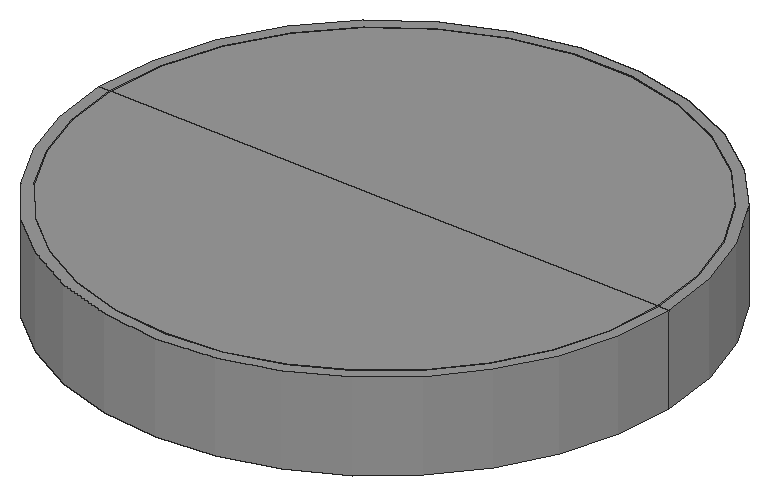
Revit family "4061105", category Lighting Fixtures, host Face, Revit 2016
Family settings
  Host = Face
  Part Type = Normal
  Round Connector Dimension = Use Diameter
  OmniClass Number = 23.80.70.00
  OmniClass Title = Lighting
  Cut with Voids When Loaded = No
  Light Source = Yes
  Shared = No
  Room Calculation Point = No
Parameters (values of type "4061105 COLOSSAL 3550LM 840 DALI WHT")
  Weight = "kg"
  Wattage Comments = ""
  Wattage = 30 W
  WarrantyStartDate [instance] = "n/a"
  WarrantyGuarantorParts = "n/a"
  WarrantyDurationUnit = "n/a"
  WarrantyDurationParts = "n/a"
  WarrantyDescription = "n/a"
  built-in parameter 1150110 = 1 (stored number, unit not read)
  Voltage = 230 V
  URL = "http://www.sylvania-lighting.com"
  TypeName = "Colossal 3550lm 840 DALI WHT"
  Type Image = <None>
  Type Comments = "n/a"
  built-in parameter 1114217 = 1 (stored number, unit not read)
  Tilt Angle = -90.00°
  built-in parameter 1150109 = 1 (stored number, unit not read)
  built-in parameter 1150134 = 12
  built-in parameter 1150113 = 1 (stored number, unit not read)
  SerialNumber [instance] = "n/a"
  Photometric Web File = "4061105.ies"
  Material_3_SYL = LED-Sylvania
  PowerFactor = 0
  PowerConsumption = "30 W"
  NominalLength = 400 mm
  NominalHeight = 87 mm
  NominalDepth = 400 mm
  Name = "Colossal 3550lm 840 DALI WHT"
  ModelReference = Name  # "Colossal 3550lm 840 DALI WHT"
  ModelNumber = "4061105"
  Model = Name  # "Colossal 3550lm 840 DALI WHT"
  Material = "n/a"
  ManufacturerName = "Feilo Sylvania"
  Manufacturer = "Feilo Sylvania"
  LuminousEfficacy = "n/a"
  built-in parameter 1150105 = 283.66 (stored number, unit not read)
  Lumens = 3564.63 lm
  LuminaireType = ""
  built-in parameter 1150115 = 1 (stored number, unit not read)
  LightOutputRatio = "n/a"
  built-in parameter 1150137 = (empty or 0)
  built-in parameter 1150139 = (empty or 0)
  LampsType = Lamp  # "LED"
  LampNominalLuminous = "3564 lm"
  LampMacAdamStep = "n/a"
  LampColourTemperature = "4000 K"
  LampColourRenderingIndex = "n/a"
  built-in parameter 1150112 = 1 (stored number, unit not read)
  built-in parameter 1150114 = 1 (stored number, unit not read)
  Lamp = "LED"
  Keynote = "16500"
  InstallationDate [instance] = "n/a"
  InputVoltage = "230-240 V~"
  InputNominalFrequency = "50/60 Hz"
  built-in parameter 1150132 = (empty or 0)
  built-in parameter 1150102 = (empty or 0)
  built-in parameter 1150107 = 4000 (stored number, unit not read)
  built-in parameter 1150138 = (empty or 0)
  IngressProtection = "IP40"
  ImpactProtectionIndex = "IK02"
  built-in parameter 1150106 = 2.8366 (stored number, unit not read)
  IfcExportType = "IfcLightFixtureType"
  IfcExportAs = "IfcLightFixtureType"
  Emit from Circle Diameter = 385 mm
  Emit Shape Visible in Rendering = no
  ElectricShockClassification = "Class I"
  built-in parameter 1150104 = 11.039 (stored number, unit not read)
  DocumentationLiterature = "http://www.sylvania-lighting.com/product/en-int/products/4061105"
  DimmingControlOptions = "Dimmable"
  Material_2_SYL = Polycarbonate_Sylvania_White
  Dimming Lamp Color Temperature Shift = <None>
  Description = "Large 400 mm diameter circular architectural luminaire, can be surface mounted or suspended, aluminium housing with polycarbonate opal diffuser, 3550 lm, 30W, 118 lm/W, 4000K, CRI 80, 50,000 hours, IP40, IK03, Class 1, 220-240V, Energy class A++, DALI"
  Default Elevation = 1219.2 mm
  CreatedOn = "3/7/2019"
  CreatedBy = "@sylvania-lighting.com"
  Cost = 0
  Color Filter = 16777215
  built-in parameter 1114216 [instance] = (empty or 0)
  ClassificationValue = "EF_70_80"
  ClassificationName = "Uniclass2015"
  Material_1_SYL = Polycarbonate_Sylvania_Opal
  BarCode [instance] = "n/a"
  built-in parameter 1114218 = 1 (stored number, unit not read)
  built-in parameter 1150133 = 10 (stored number, unit not read)
  AssetType = "Fixed"
  AssetIdentifier [instance] = "n/a"
  Assembly Code = "D5020200"
  Apparent Load = 30 VA
  Material_4_SYL = none
Reference planes
  plane 1 "Center (Front/Back)": y = 0
  plane 2: z = 0
  plane 3 "Center (Left/Right)": x = 0
  plane 4: x = -200
  plane 5: x = -120
  plane 6: z = 87
  plane 7: z = 25
  plane 8: x = -192.5
  plane 9: z = 40
Forms (mm)
  Revolve 1, solid, material "Polycarbonate_Sylvania_White" <- "Material_2_SYL"
    sketch origin (0, 0, 0) x (1, 0, 0) y (0, 0, 1)
      loop
        line (0, 0) -> (0, 40) -> (-192.5, 40) -> (-192.5, 87) -> (-200, 87) -> (-200, 25) -> (-120, 25) -> (-120, 0) -> (0, 0)
      axis (0, 87) -> (0, 0)
    angle from 360 to 0
  Revolve 2, solid, material "Polycarbonate_Sylvania_Opal" <- "Material_1_SYL"
    sketch origin (0, 0, 0) x (1, 0, 0) y (0, 0, 1)
      loop
        line (0, 87) -> (-192.5, 87) -> (-192.5, 40) -> (0, 40) -> (0, 87)
      axis (0, 87) -> (0, 40)
    angle from 360 to 0
Dimensions and locks
  plane 6 to plane 7 to level = 62 mm locked, 25 mm locked
  plane 3 "Center (Left/Right)" to plane 5 to plane 8 to plane 4 = 120 mm locked, 72.5 mm locked, 7.5 mm locked
  locked: plane 9 to plane 7 at 15
  aligned and locked: plane 2 to host face
  aligned and locked: level to host face
  aligned and locked: Revolve 1 sketch curve to plane 3 "Center (Left/Right)"  (x2)
  aligned and locked: plane 3 "Center (Left/Right)" to Revolve 1 sketch curve
  aligned and locked: level to Revolve 1 sketch curve
  aligned and locked: plane 5 to Revolve 1 sketch curve
  aligned and locked: Revolve 1 sketch curve to plane 7
  aligned and locked: plane 6 to Revolve 1 sketch curve  (x2)
  aligned and locked: plane 8 to Revolve 1 sketch curve
  aligned and locked: Revolve 1 sketch curve to plane 8
  aligned and locked: plane 9 to Revolve 1 sketch curve
  aligned and locked: Revolve 2 sketch curve to plane 3 "Center (Left/Right)"
  aligned and locked: Revolve 2 sketch curve to Revolve 1  (x3)
  aligned and locked: plane 3 "Center (Left/Right)" to Revolve 2 sketch curve
  aligned and locked: plane 3 "Center (Left/Right)" to imposter light
  aligned and locked: imposter light to plane 6
  aligned and locked: imposter light to plane 1 "Center (Front/Back)"
Connectors
  electrical at (0, 0, 0), driven by "Apparent Load", driven by "PowerFactor", driven by "Voltage"
    settings: index 1, voltage 230 V, apparent load 30 VA, apparent load phase1 0 VA, apparent load phase2 0 VA, apparent load phase3 0 VA, power factor 0, load classification "Lighting", number of poles 1, system type 30, power factor state 1, is connector primary yes, connector utility no, sub classification motor no, connector description ""
